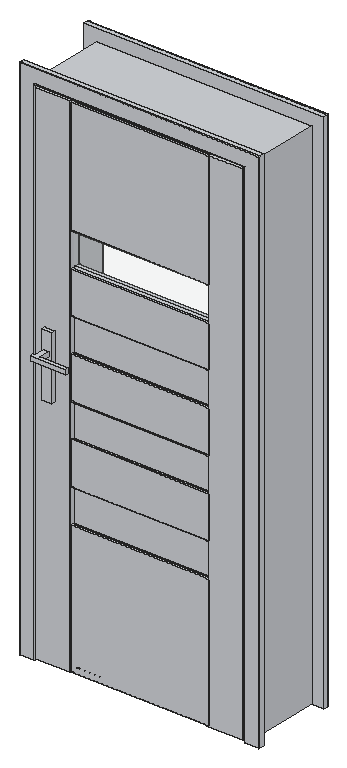
Revit family "porta_koncept_H1_bp", category Drzwi, Revit 2016
Family settings
  Obiekt nadrzędny = Ściana
  Zawsze pionowo = Tak
  Tnij formami wycięć po wczytaniu = Nie
  Współdzielony = Nie
  Punkt obliczania pomieszczeń = Nie
Parameters (values of type "PN 80")
  Wysokość brutto = 2060 mm
  Szerokość brutto = 880 mm
  Model = "Koncept"
  Konstrukcja analityczna = "<Brak>"
  Funkcja = Wewnętrzna
  URL = "www.porta.com.pl"
  Ss = 818 mm
  Sb = 846 mm
  Producent = "PORTA KMI POLAND"
  Keynote = ""
  Description = ""
  Wysokość = 2016 mm
  Zakończenie ściany = Wg obiektu nadrzędnego
  Szerokość = 800 mm
  Materiał_skrzydło [instance] = none
  Materiał_ościeżnica [instance] = none
  Materiał_klamka [instance] = none
  Informacja = "Własność Porta KMI Poland, wszelkie prawa zastrzeżone."  # constant formula
  Hs = 2017 mm
Types (6, lengths in mm): name | Szerokość brutto | Model | Ss | Sb | Description | Szerokość
  PN 70 | 780 | 0 | 718 | 746 | "Biblioteki CAD produktów firmy PORTA KMI POLAND wraz z ich wizualizacjami są chronione prawami własności przemysłowej i intelektualnej. Można je wykorzystywać do handlowych celów osobistych poprzez zastosowanie w projektach, jednak nie wolno ich powielać, modyfikować, licencjonować ani publikować, w całości ani w części, chyba że celem przeglądania, bez uprzedniej pisemnej zgody PORTA KMI Poland. www.porta.com.pl" | 700
  PN 60 | 680 | 0 | 618 | 646 | "Biblioteki CAD produktów firmy PORTA KMI POLAND wraz z ich wizualizacjami są chronione prawami własności przemysłowej i intelektualnej. Można je wykorzystywać do handlowych celów osobistych poprzez zastosowanie w projektach, jednak nie wolno ich powielać, modyfikować, licencjonować ani publikować, w całości ani w części, chyba że celem przeglądania, bez uprzedniej pisemnej zgody PORTA KMI Poland. www.porta.com.pl" | 600
  PN 80 | 880 | "Koncept" | 818 | 846 | "" | 800
  PN 90 | 980 | 0 | 918 | 946 | "Biblioteki CAD produktów firmy PORTA KMI POLAND wraz z ich wizualizacjami są chronione prawami własności przemysłowej i intelektualnej. Można je wykorzystywać do handlowych celów osobistych poprzez zastosowanie w projektach, jednak nie wolno ich powielać, modyfikować, licencjonować ani publikować, w całości ani w części, chyba że celem przeglądania, bez uprzedniej pisemnej zgody PORTA KMI Poland. www.porta.com.pl" | 900
  PN 100 | 1080 | 0 | 1018 | 1046 | "Biblioteki CAD produktów firmy PORTA KMI POLAND wraz z ich wizualizacjami są chronione prawami własności przemysłowej i intelektualnej. Można je wykorzystywać do handlowych celów osobistych poprzez zastosowanie w projektach, jednak nie wolno ich powielać, modyfikować, licencjonować ani publikować, w całości ani w części, chyba że celem przeglądania, bez uprzedniej pisemnej zgody PORTA KMI Poland. www.porta.com.pl" | 1000
  PN 110 | 1180 | 0 | 1118 | 1146 | "Biblioteki CAD produktów firmy PORTA KMI POLAND wraz z ich wizualizacjami są chronione prawami własności przemysłowej i intelektualnej. Można je wykorzystywać do handlowych celów osobistych poprzez zastosowanie w projektach, jednak nie wolno ich powielać, modyfikować, licencjonować ani publikować, w całości ani w części, chyba że celem przeglądania, bez uprzedniej pisemnej zgody PORTA KMI Poland. www.porta.com.pl" | 1100
Reference planes
  plane 1: y = 0
  plane 2 "Środek (Lewa/Prawa)": x = 0
  plane 3 "Lewy": x = -440
  plane 4 "Prawy": x = 440
  plane 5: z = 2060
  plane 6 "Zewnętrzna": y = 150
  plane 7 "Wewnętrzna": y = -150
  plane 8 "skrzydło": y = -129
Forms (mm)
  Sweep 1, solid, material <- "Materiał_ościeżnica"
    path in 3D
      loop
        line (-440, -150, 0) -> (-440, -150, 2060) -> (440, -150, 2060) -> (440, -150, 0)
    profile origin (-440, -150, 1030) x (0, -1, 0) y (1, 0, 0)
      loop
        line (-24, 39) -> (-72, 39) -> (-72, 17) -> (0, 17) -> (0, -33) -> (16, -33)
        arc (16, -33) -> (18.121, -32.121) -> (19, -30) r 3
        line (19, -30) -> (19, 24)
        arc (19, 24) -> (18.121, 26.121) -> (16, 27) r 3
        line (16, 27) -> (-24, 27) -> (-24, 39)
  Sweep 2, solid, material <- "Materiał_ościeżnica"
    path in 3D
      loop
        line (440, 150, 0) -> (440, 150, 2060) -> (-440, 150, 2060) -> (-440, 150, 0)
    profile origin (-440, 150, 1030) x (1, 0, 0) y (0, 1, 0)
      loop
        line (-33, 0) -> (17, 0) -> (17, -228) -> (39, -228) -> (39, -1)
        arc (39, -1) -> (37.536, 2.536) -> (34, 4) r 5
        line (34, 4) -> (25, 4) -> (25, 16)
        arc (25, 16) -> (24.121, 18.121) -> (22, 19) r 3
        line (22, 19) -> (-30, 19)
        arc (-30, 19) -> (-32.121, 18.121) -> (-33, 16) r 3
        line (-33, 16) -> (-33, 0)
  Sweep 3, solid, not visible
    path in 3D
      loop
        line (-440, -150, 0) -> (-440, -150, 2060)
    profile origin (-440, -150, 1030) x (0, -1, 0) y (1, 0, 0)
      loop
        line (-151, 17) -> (-149, 17) -> (-149, 19) -> (-151, 19) -> (-151, 17)
Cuts and joins
  joined: Sweep 1, Sweep 2
Lines and regions (mm)
  Opening 1
    outline origin (-3050, -150, 0) x (1, 0, 0) y (0, 0, 1)
      loop
        line (2610, 0) -> (3490, 0) -> (3490, 2060) -> (2610, 2060) -> (2610, 0)
  sketch lines
    curve 1: line (-440, -150, 0) -> (-440, -150, 2060)
    curve 2: line (-440, -150, 2060) -> (440, -150, 2060)
    curve 3: line (440, -150, 2060) -> (440, -150, 0)
    curve 4: line (-440, 150, 2060) -> (-440, 150, 0)
    curve 5: line (440, 150, 2060) -> (-440, 150, 2060)
    curve 6: line (440, 150, 0) -> (440, 150, 2060)
    curve 12: line (-440, -150, 0) -> (-440, -150, 2060)
  symbolic lines, style "DoorsPanelProjection"
    curve 7: line (409, -150, 0) -> (409, -968, 0)
    curve 8: line (409, -968, 0) -> (369, -968, 0)
    curve 9: line (369, -968, 0) -> (369, -150, 0)
    curve 10: line (369, -150, 0) -> (409, -150, 0)
  symbolic lines, style "Ugięcie rzutu"
    curve 11: arc (-409, -150, 0) -> (-169.413, -728.413, 0) -> (409, -968, 0) r 818
Text (mm)
  text "Zewnętrzna" at (-2295.016, 1099.543, 0), in view "Poziom odniesienia"
  text "Zewnętrzna" at (0, 1615.38, 3698.081), in view "Lewy"
  text "Zewnętrzna" at (0, 1036.032, 3874.932), in view "Prawy"
Dimensions and locks
  equal spacing: plane 3 "Lewy", plane 2 "Środek (Lewa/Prawa)", plane 4 "Prawy"
  "Szerokość brutto": plane 3 "Lewy" to plane 4 "Prawy"
  "Wysokość brutto": plane 5 to host wall
  host wall to plane 5 = 2060 mm  (x2)
  locked: plane 6 "Zewnętrzna" to host wall at 0
  locked: plane 7 "Wewnętrzna" to host wall
  "Sb": Sweep 1 to Sweep 1
  locked: Sweep 1 sketch curve to Sweep 1 sketch curve at 22
  Sweep 1 sketch curve to Sweep 1 sketch curve = 50 mm
  locked: Sweep 1 sketch curve to profile plane at 72
  locked: Sweep 2 sketch curve to Sweep 2 sketch curve at 50
  locked: Sweep 2 sketch curve to Sweep 2 sketch curve at 22
  locked: Sweep 2 sketch curve to plane 6 "Zewnętrzna" at 1
  locked: curve 9 to curve 7 at 40
  "Ss": curve 8 to curve 10
  equal spacing: curve 11, plane 2 "Środek (Lewa/Prawa)", curve 7
  locked: plane 7 "Wewnętrzna" to plane 8 "skrzydło" at 21
  locked: host wall to Sweep 3 sketch curve at 1
  locked: Sweep 3 sketch curve to host wall at 1
  locked: Sweep 3 sketch curve to plane 6 "Zewnętrzna" at 151
  locked: plane 7 "Wewnętrzna" to Sweep 3 sketch curve at 151
  equal spacing: nested 1, plane 2 "Środek (Lewa/Prawa)", nested 1
  locked: nested 1 to level at 8
  aligned and locked: plane 3 "Lewy" to Opening 1 sketch curve
  aligned and locked: plane 5 to Opening 1 sketch curve  (x2)
  aligned and locked: Opening 1 sketch curve to plane 4 "Prawy"
  aligned and locked: Opening 1 sketch curve to level
  aligned and locked: plane 1 to host wall
  aligned and locked: Sweep 1 to Sweep 2 sketch curve
  aligned and locked: plane 7 "Wewnętrzna" to curve 10
  aligned and locked: Sweep 3 sketch curve to cut or joined group of Sweep 1, Sweep 2
  aligned and locked: Sweep 2 sketch curve to cut or joined group of Sweep 1, Sweep 2
  aligned and locked: nested 1 to plane 8 "skrzydło"
Automatic sketch dimensions
  profile plane to Sweep 1 sketch curve = 24 mm
  Sweep 1 sketch curve to profile plane = 16 mm  (x2)
  Sweep 1 sketch curve to Sweep 1 sketch curve = 3 mm
  profile plane to Sweep 1 sketch curve = 17 mm
  Sweep 1 sketch curve to Sweep 1 sketch curve = 7 mm
  Sweep 1 sketch curve to profile plane = 0 mm
  Sweep 2 sketch curve to profile plane = 0 mm
  Sweep 2 sketch curve to profile plane = 16 mm
  Sweep 2 sketch curve to Sweep 2 sketch curve = 3 mm
  Sweep 2 sketch curve to Sweep 2 sketch curve = 5 mm
  Sweep 2 sketch curve to profile plane = 4 mm
  Sweep 2 sketch curve to Sweep 2 sketch curve = 8 mm
  curve 11 to host wall = 0 mm
  Sweep 3 sketch curve to Sweep 3 sketch curve = 2 mm
Nested families
  nested 1: "skrzydło" at (0, -135.5, 0), Materiał_klamka <- "Materiał_klamka", Materiał_skrzydło <- "Materiał_skrzydło", type "skrzydło"
    with Materiał_skrzydło none, Materiał_klamka none
Definition of nested family "skrzydło"
  Parameters
    Ss = 818 mm
    Materiał_skrzydło [instance] = none
    Materiał_klamka [instance] = none
    Hs = 2017 mm
  Reference planes
    plane 1 "Tył": y = 6.5
    plane 2: z = 0
    plane 3 "Środek (Lewa/Prawa)": x = 0
    plane 4 "Lewa": x = -409
    plane 5 "Prawa": x = 409
    plane 6 "Przód": y = -33.5
    plane 7: z = 2025
    plane 8 "Centrum": y = -13.5
    plane 9: z = 8
    plane 10: x = -272
    plane 11: x = 272
  Forms (mm)
    Extrusion 1, solid, material <- "Materiał_skrzydło"
      sketch origin (-1191.728, -1524, 8) x (-1, 0, 0) y (0, -1, 0)
        loop
          line (-1465.378, -1490.5) -> (-1599.078, -1490.5)
          arc (-1599.078, -1490.5) -> (-1600.244, -1490.983) -> (-1600.728, -1492.15) r 1.65
          line (-1600.728, -1492.15) -> (-1600.728, -1528.8)
          arc (-1600.728, -1528.8) -> (-1600.23, -1530.002) -> (-1599.028, -1530.5) r 1.7
          line (-1599.028, -1530.5) -> (-1465.378, -1530.5)
          arc (-1465.378, -1530.5) -> (-1464.211, -1530.017) -> (-1463.728, -1528.85) r 1.65
          line (-1463.728, -1528.85) -> (-1463.728, -1492.15)
          arc (-1463.728, -1492.15) -> (-1464.211, -1490.983) -> (-1465.378, -1490.5) r 1.65
      from 0 to 2017
    Extrusion 2, solid, material <- "Materiał_skrzydło"
      sketch origin (0, 0, 0) x (0, 1, 0) y (0, 0, 1)
        loop
          line (4, 1568.15) -> (4, 2023.3)
          arc (4, 2023.3) -> (3.502, 2024.502) -> (2.3, 2025) r 1.7
          line (2.3, 2025) -> (-29.35, 2025)
          arc (-29.35, 2025) -> (-30.517, 2024.517) -> (-31, 2023.35) r 1.65
          line (-31, 2023.35) -> (-31, 1568.15)
          arc (-31, 1568.15) -> (-30.517, 1566.983) -> (-29.35, 1566.5) r 1.65
          line (-29.35, 1566.5) -> (2.35, 1566.5)
          arc (2.35, 1566.5) -> (3.517, 1566.983) -> (4, 1568.15) r 1.65
        loop
          line (2.35, 529.5) -> (-29.35, 529.5)
          arc (-29.35, 529.5) -> (-30.517, 529.017) -> (-31, 527.85) r 1.65
          line (-31, 527.85) -> (-31, 9.65)
          arc (-31, 9.65) -> (-30.517, 8.483) -> (-29.35, 8) r 1.65
          line (-29.35, 8) -> (-25, 8)
          arc (-25, 8) -> (-23.833, 8.483) -> (-23.35, 9.65) r 1.65
          arc (-23.35, 9.65) -> (-22.955, 10.605) -> (-22, 11) r 1.35
          line (-22, 11) -> (-5, 11)
          arc (-5, 11) -> (-4.045, 10.605) -> (-3.65, 9.65) r 1.35
          arc (-3.65, 9.65) -> (-3.167, 8.483) -> (-2, 8) r 1.65
          line (-2, 8) -> (2.35, 8)
          arc (2.35, 8) -> (3.517, 8.483) -> (4, 9.65) r 1.65
          line (4, 9.65) -> (4, 527.85)
          arc (4, 527.85) -> (3.517, 529.017) -> (2.35, 529.5) r 1.65
        loop
          line (2.35, 831.25) -> (-29.35, 831.25)
          arc (-29.35, 831.25) -> (-30.517, 830.767) -> (-31, 829.6) r 1.65
          line (-31, 829.6) -> (-31, 662.9)
          arc (-31, 662.9) -> (-30.517, 661.733) -> (-29.35, 661.25) r 1.65
          line (-29.35, 661.25) -> (2.35, 661.25)
          arc (2.35, 661.25) -> (3.517, 661.733) -> (4, 662.9) r 1.65
          line (4, 662.9) -> (4, 829.6)
          arc (4, 829.6) -> (3.517, 830.767) -> (2.35, 831.25) r 1.65
        loop
          line (2.35, 1133) -> (-29.35, 1133)
          arc (-29.35, 1133) -> (-30.517, 1132.517) -> (-31, 1131.35) r 1.65
          line (-31, 1131.35) -> (-31, 964.65)
          arc (-31, 964.65) -> (-30.517, 963.483) -> (-29.35, 963) r 1.65
          line (-29.35, 963) -> (2.35, 963)
          arc (2.35, 963) -> (3.517, 963.483) -> (4, 964.65) r 1.65
          line (4, 964.65) -> (4, 1131.35)
          arc (4, 1131.35) -> (3.517, 1132.517) -> (2.35, 1133) r 1.65
        loop
          line (2.35, 1434.75) -> (-29.35, 1434.75)
          arc (-29.35, 1434.75) -> (-30.517, 1434.267) -> (-31, 1433.1) r 1.65
          line (-31, 1433.1) -> (-31, 1266.4)
          arc (-31, 1266.4) -> (-30.517, 1265.233) -> (-29.35, 1264.75) r 1.65
          line (-29.35, 1264.75) -> (2.35, 1264.75)
          arc (2.35, 1264.75) -> (3.517, 1265.233) -> (4, 1266.4) r 1.65
          line (4, 1266.4) -> (4, 1433.1)
          arc (4, 1433.1) -> (3.517, 1434.267) -> (2.35, 1434.75) r 1.65
      from -272 to 272
    Extrusion 3, solid
      sketch origin (-892.016, -13.5, 1213) x (-1, 0, 0) y (0, 0, 1)
        loop
          line (-620.016, 353.5) -> (-1164.016, 353.5) -> (-1164.016, 221.75) -> (-620.016, 221.75) -> (-620.016, 353.5)
      from -2 to 2
    Extrusion 4, solid, material <- "Materiał_skrzydło"
      sketch origin (-892.016, -13.5, 1213) x (-1, 0, 0) y (0, 0, 1)
        loop
          line (-620.016, -80) -> (-620.016, 51.75) -> (-1164.016, 51.75) -> (-1164.016, -80) -> (-620.016, -80)
      from -6 to 6
    Extrusion 5, solid, material <- "Materiał_skrzydło"
      sketch origin (-892.016, -13.5, 1200) x (-1, 0, 0) y (0, 0, 1)
        loop
          line (-620.016, -237) -> (-1164.016, -237) -> (-1164.016, -368.75) -> (-620.016, -368.75) -> (-620.016, -237)
      from -6 to 6
    Extrusion 6, solid, material <- "Materiał_skrzydło"
      sketch origin (-892.016, -13.5, 1200) x (-1, 0, 0) y (0, 0, 1)
        loop
          line (-620.016, -538.75) -> (-1164.016, -538.75) -> (-1164.016, -670.5) -> (-620.016, -670.5) -> (-620.016, -538.75)
      from -6 to 6
    Extrusion 7, solid, material <- "Materiał_skrzydło"
      sketch origin (-1191.728, -1524, 8) x (-1, 0, 0) y (0, -1, 0)
        loop
          arc (-918.078, -1490.5) -> (-919.244, -1490.983) -> (-919.728, -1492.15) r 1.65
          line (-919.728, -1492.15) -> (-919.728, -1528.85)
          arc (-919.728, -1528.85) -> (-919.244, -1530.017) -> (-918.078, -1530.5) r 1.65
          line (-918.078, -1530.5) -> (-784.428, -1530.5)
          arc (-784.428, -1530.5) -> (-783.225, -1530.002) -> (-782.728, -1528.8) r 1.7
          line (-782.728, -1528.8) -> (-782.728, -1492.15)
          arc (-782.728, -1492.15) -> (-783.211, -1490.983) -> (-784.378, -1490.5) r 1.65
          line (-784.378, -1490.5) -> (-918.078, -1490.5)
      from 0 to 2017
  Dimensions and locks
    equal spacing: plane 4 "Lewa", plane 3 "Środek (Lewa/Prawa)", plane 5 "Prawa"
    "Ss": plane 4 "Lewa" to plane 5 "Prawa"
    locked: plane 9 to level at 8
    "Hs": plane 7 to plane 9
    locked: nested 1 to plane 9 at 934
    locked: plane 9 to nested 2 at 934
    equal spacing: plane 6 "Przód", plane 8 "Centrum", plane 1 "Tył"
    locked: plane 10 to plane 4 "Lewa" at 137
    locked: plane 5 "Prawa" to plane 11 at 137
    aligned and locked: nested 1 to plane 6 "Przód"
    aligned and locked: plane 5 "Prawa" to Extrusion 1 sketch curve
    aligned and locked: Extrusion 1 sketch curve to plane 1 "Tył"
    aligned and locked: Extrusion 1 sketch curve to plane 6 "Przód"
    aligned and locked: Extrusion 1 sketch curve to plane 11
    aligned and locked: plane 7 to Extrusion 1
    aligned and locked: Extrusion 2 to plane 10
    aligned and locked: plane 11 to Extrusion 2
    aligned and locked: plane 10 to Extrusion 3 sketch curve
    aligned and locked: plane 11 to Extrusion 3 sketch curve
    aligned and locked: Extrusion 2 to Extrusion 4 sketch curve  (x2)
    aligned and locked: plane 10 to Extrusion 5 sketch curve
    aligned and locked: plane 11 to Extrusion 5 sketch curve
    aligned and locked: plane 10 to Extrusion 6 sketch curve
    aligned and locked: plane 11 to Extrusion 6 sketch curve
    aligned and locked: plane 4 "Lewa" to Extrusion 7 sketch curve
    aligned and locked: Extrusion 7 sketch curve to plane 10
    aligned and locked: plane 7 to Extrusion 7
    aligned and locked: nested 2 to nested 1
  Automatic sketch dimensions
    Extrusion 3 sketch curve to Extrusion 3 sketch curve = 131.75 mm
    Extrusion 3 sketch curve to plane 7 = 458.5 mm
    Extrusion 4 sketch curve to plane 7 = 760.25 mm
    Extrusion 4 sketch curve to Extrusion 4 sketch curve = 131.75 mm
    plane 9 to Extrusion 5 sketch curve = 823.25 mm
    Extrusion 5 sketch curve to Extrusion 5 sketch curve = 131.75 mm
    plane 9 to Extrusion 6 sketch curve = 521.5 mm
    Extrusion 6 sketch curve to Extrusion 6 sketch curve = 131.75 mm
    Extrusion 7 sketch curve to plane 6 "Przód" = 0 mm
    plane 1 "Tył" to Extrusion 7 sketch curve = 0 mm
    Extrusion 7 sketch curve to plane 10 = 1.65 mm
    plane 1 "Tył" to Extrusion 7 sketch curve = 1.65 mm
    plane 4 "Lewa" to Extrusion 7 sketch curve = 1.7 mm
    plane 4 "Lewa" to Extrusion 7 sketch curve = 1.65 mm
    Extrusion 1 sketch curve to Extrusion 1 sketch curve = 1.65 mm
    Extrusion 1 sketch curve to plane 5 "Prawa" = 1.7 mm
    plane 11 to Extrusion 1 sketch curve = 1.65 mm  (x2)
    Extrusion 2 sketch curve to plane 9 = 0 mm  (x2)
    Extrusion 2 sketch curve to plane 7 = 0 mm
    plane 6 "Przód" to Extrusion 2 sketch curve = 2.5 mm  (x5)
    Extrusion 2 sketch curve to Extrusion 2 sketch curve = 1.65 mm  (x15)
    Extrusion 2 sketch curve to Extrusion 2 sketch curve = 4.35 mm
    Extrusion 2 sketch curve to Extrusion 2 sketch curve = 0 mm  (x2)
    Extrusion 2 sketch curve to Extrusion 2 sketch curve = 1.35 mm
    plane 9 to Extrusion 2 sketch curve = 1.65 mm
    plane 8 "Centrum" to Extrusion 2 sketch curve = 8.5 mm
    Extrusion 2 sketch curve to plane 7 = 1.7 mm
    plane 1 "Tył" to Extrusion 2 sketch curve = 4.2 mm
    plane 1 "Tył" to Extrusion 2 sketch curve = 4.15 mm  (x9)
    Extrusion 2 sketch curve to Extrusion 2 sketch curve = 516.85 mm
    Extrusion 2 sketch curve to Extrusion 2 sketch curve = 131.75 mm  (x4)
    Extrusion 2 sketch curve to Extrusion 2 sketch curve = 166.7 mm  (x3)
  Nested families
    nested 1: "KLAMKA" at (-354, -33.5, 1067), Materiał klamki <- "Materiał_klamka", type "KLAMKA"
      with Materiał klamki none
    nested 2: "KLAMKA" at (-354, 6.5, 1067), Materiał klamki <- "Materiał_klamka", type "KLAMKA"
      with Materiał klamki none
  Definition of nested family "KLAMKA"
    Parameters
      Materiał klamki [instance] = none
      Assembly Code = ""
      Default Elevation = 1219.2 mm
    Reference planes
      plane 1 "Center (Front/Back)": y = 0
      plane 2: z = 0
      plane 3 "Center (Left/Right)": x = 0
      plane 4: z = 125
      plane 5: z = -125
      plane 6: x = 20
      plane 7: x = -20
      plane 8: y = -70
      plane 9: y = -60
      plane 10: x = 10
      plane 11: x = -10
      plane 12: x = 120
      plane 13: z = 35
      plane 14: z = 55
      plane 15: y = -15
    Forms (mm)
      Extrusion 1, solid, material <- "Materiał klamki"
        sketch origin (0, 0, 0) x (1, 0, 0) y (0, 0, 1)
          loop
            line (-20, 125) -> (-20, -125) -> (20, -125) -> (20, 125) -> (-20, 125)
        from 0 to 15
      Extrusion 2, solid, material <- "Materiał klamki"
        sketch origin (0, 0, 0) x (1, 0, 0) y (0, 1, 0)
          loop
            line (-10, -15) -> (-10, -60) -> (-20, -60) -> (-20, -70) -> (120, -70) -> (120, -60) -> (10, -60) -> (10, -15) -> (-10, -15)
        from 35 to 55
    Dimensions and locks
      equal spacing: plane 4, plane 2, plane 5
      plane 4 to plane 5 = 250 mm
      equal spacing: plane 7, plane 3 "Center (Left/Right)", plane 6
      plane 7 to plane 6 = 40 mm
      plane 8 to plane 1 "Center (Front/Back)" = 70 mm
      plane 11 to plane 3 "Center (Left/Right)" to plane 10 = 10 mm locked, 10 mm locked
      plane 7 to plane 12 = 140 mm
      plane 15 to plane 1 "Center (Front/Back)" = 15 mm
      aligned and locked: plane 7 to Extrusion 1 sketch curve
      aligned and locked: Extrusion 1 sketch curve to plane 4
      aligned and locked: plane 5 to Extrusion 1 sketch curve
      aligned and locked: Extrusion 1 sketch curve to plane 6
      aligned and locked: plane 15 to Extrusion 1
      aligned and locked: Extrusion 1 to plane 1 "Center (Front/Back)"
      aligned and locked: plane 14 to Extrusion 2
      aligned and locked: Extrusion 2 to plane 13
    Automatic sketch dimensions
      Extrusion 2 sketch curve to plane 7 = 0 mm
      Extrusion 2 sketch curve to plane 9 = 0 mm  (x2)
      Extrusion 2 sketch curve to plane 11 = 0 mm
      Extrusion 2 sketch curve to plane 10 = 0 mm
      Extrusion 2 sketch curve to plane 12 = 0 mm
      Extrusion 2 sketch curve to plane 8 = 0 mm
      Extrusion 2 sketch curve to plane 15 = 0 mm
